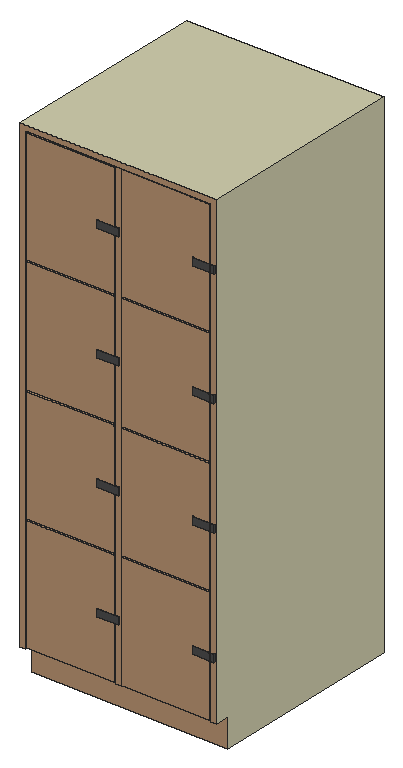
Revit family "Cabinet_Wenger_UltraStor_27", category Furniture, Revit 2015
Parameters (values of type "UltraStor Cabinet #27 - Comp Wood Doors")
  URL = "https://www.wengercorp.com/"
  Type Comments = ""
  Specification = "http://www.arcat.com/sdspecs/htm04/12_35_83wen.htm"
  Shelf Thickness = 0' - 1 1/8"
  Sales Information = "https://www.wengercorp.com/contact-us.php"
  Revision = "R1_2018-04"
  Rear Panel Thickness = 0' - 0 3/4"
  Product Data = "http://www.arcat.com/arcatcos/cos36/arc36487.html"
  Manufacturer Website = "https://www.wengercorp.com/"
  Manufacturer Phone - Toll Free = "800-4WENGER"
  Manufacturer Phone = "(507) 455-4100"
  Manufacturer Fax = "(507) 455-4258"
  Manufacturer Address = "555 Park Dr., Owatonna, MN 55060"
  Keynote = "12 35 83"
  HasDoors = yes
  Green Building-LEED = "http://www.arcat.com/green/clients/leed_data_36487.html"
  Drawn By = "Sumex Design, Inc. / Robert S. Weygant, CSI, CDT, SCIP"
  Door Width = (Cabinet Width - 0' 2 1/4") / 2  # 1' - 0 5/8"
  Door Style = Door_Base : Solid Door
  Door Material [instance] = Wenger Cherry (Use Cherry Edge Band Only)
  Door Height = (Cabinet Height - 0' 4 3/4") / 4  # 1' - 4 1/4"
  Toe Kick Material [instance] = Wenger Cherry (Use Cherry Edge Band Only)
  RH End Panel [instance] = no
  Model = "#27"
  Manufacturer = "Wenger Corporation"
  LH End Panel [instance] = no
  End Panel Material [instance] = Wenger Cherry (Use Cherry Edge Band Only)
  Edge Banding Material [instance] = Wenger Cherry (Use Cherry Edge Band Only)
  Cost = 0
  Copyright = "© 2018 Arcat Inc."
  Construction Details = "http://www.arcat.com/details/wengerco/wengerco.html?coid=36487"
  Body Material [instance] = Wenger - Oyster
  Description = "Wenger UltraStor Cabinet #27 - Comp Wood Doors"
  Cabinet Width = 2' - 3 1/2"
  Cabinet Height = 5' - 9 3/4"
  Installed Depth = 2' - 5 1/4"
  Cabinet Panel Thickness = 0' - 0 3/4"
  Assembly Code = "E2010200"
Types (14): name | Rear Panel Thickness | HasDoors | Door Width | Door Style | Door Material | Model | Description | Cabinet Width | Installed Depth
  Acoustic Cabinet #27 - No Doors | 0' - 3 1/4" | no | 1' - 0 5/8" | Door_Base : Solid Door | none | "#27A" | "Wenger Acoustic Cabinet #27 - No Doors" | 2' - 3 1/2" | 2' - 7 3/4"
  Narrow Acoustic Cabinet #27 - No Doors | 0' - 3 1/4" | no | 0' - 9 5/8" | Door_Base : Solid Door | none | "#27NA" | "Wenger Narrow Acoustic Cabinet #27 - No Doors" | 1' - 9 1/2" | 2' - 7 3/4"
  Acoustic Cabinet #27 - Comp Grille Doors | 0' - 3 1/4" | yes | 1' - 0 5/8" | Door_Base : Bars | Painted Black | "#27A" | "Wenger Acoustic Cabinet #27 - Comp Grille Doors" | 2' - 3 1/2" | 2' - 7 3/4"
  Narrow Acoustic Cabinet #27 - Comp Grille Doors | 0' - 3 1/4" | yes | 0' - 9 5/8" | Door_Base : Bars | Painted Black | "#27NA" | "Wenger Narrow Acoustic Cabinet #27 - Comp Grille Doors" | 1' - 9 1/2" | 2' - 7 3/4"
  Narrow Acoustic Cabinet #27 - Comp Waterfall Grille Doors | 0' - 3 1/4" | yes | 0' - 9 5/8" | Door_Base : Waterfall | Painted Black | "#27NA" | "Wenger Narrow Acoustic Cabinet #27 - Comp Waterfall Grille Doors" | 1' - 9 1/2" | 2' - 7 3/4"
  Acoustic Cabinet #27 - Comp Waterfall Grille Doors | 0' - 3 1/4" | yes | 1' - 0 5/8" | Door_Base : Waterfall | Painted Black | "#27A" | "Wenger Acoustic Cabinet #27 - Comp Waterfall Grille Doors" | 2' - 3 1/2" | 2' - 7 3/4"
  Narrow UltraStor Cabinet #27 - Comp Grille Doors | 0' - 0 3/4" | yes | 0' - 9 5/8" | Door_Base : Bars | Painted Black | "#27N" | "Wenger Narrow Cabinet #27 - Comp Grille Doors" | 1' - 9 1/2" | 2' - 5 1/4"
  UltraStor Cabinet #27 - Comp Grille Doors | 0' - 0 3/4" | yes | 1' - 0 5/8" | Door_Base : Bars | Painted Black | "#27" | "Wenger UltraStor Cabinet #27 - Comp Grille Doors" | 2' - 3 1/2" | 2' - 5 1/4"
  Narrow UltraStor Cabinet #27 - Comp Wood Doors | 0' - 0 3/4" | yes | 0' - 9 5/8" | Door_Base : Solid Door | Wenger Cherry (Use Cherry Edge Band Only) | "#27N" | "Wenger Narrow Cabinet #27 - Comp Wood Doors" | 1' - 9 1/2" | 2' - 5 1/4"
  UltraStor Cabinet #27 - Comp Waterfall Grille Doors | 0' - 0 3/4" | yes | 1' - 0 5/8" | Door_Base : Waterfall | Painted Black | "#27" | "Wenger UltraStor Cabinet #27 - Comp Waterfall Grille Doors" | 2' - 3 1/2" | 2' - 5 1/4"
  Narrow UltraStor Cabinet #27 - No Doors | 0' - 0 3/4" | no | 0' - 9 5/8" | Door_Base : Solid Door | none | "#27N" | "Wenger Narrow Cabinet #27 - No Doors" | 1' - 9 1/2" | 2' - 5 1/4"
  UltraStor Cabinet #27 - Comp Wood Doors | 0' - 0 3/4" | yes | 1' - 0 5/8" | Door_Base : Solid Door | Wenger Cherry (Use Cherry Edge Band Only) | "#27" | "Wenger UltraStor Cabinet #27 - Comp Wood Doors" | 2' - 3 1/2" | 2' - 5 1/4"
  UltraStor Cabinet #27 - No Doors | 0' - 0 3/4" | no | 1' - 0 5/8" | Door_Base : Solid Door | none | "#27" | "Wenger UltraStor Cabinet #27 - No Doors" | 2' - 3 1/2" | 2' - 5 1/4"
  Narrow UltraStor Cabinet #27 - Comp Waterfall Grille Doors | 0' - 0 3/4" | yes | 0' - 9 5/8" | Door_Base : Waterfall | Painted Black | "#27N" | "Wenger Narrow Cabinet #27 - Comp Waterfall Grille Doors" | 1' - 9 1/2" | 2' - 5 1/4"
Reference planes (in)
  plane 1 "Front": y = 0
  plane 2: z = 0
  plane 3 "Left": x = 0
  plane 4 "Right": x = 27.5
  plane 5 "Back": y = 29.25
  plane 6 "Top": z = 69.75
  plane 7: z = 4
  plane 8: z = 20.25
  plane 9: z = 36.5
  plane 10: z = 52.75
  plane 11: x = 0.75
  plane 12: x = 26.75
  plane 13: z = 69
  plane 14: x = 13.375
  plane 15: x = 14.125
  plane 16: y = 28.5
  plane 17: y = 2
  plane 18: y = 0.75
  plane 19: z = 21.375
  plane 20: z = 37.625
  plane 21: z = 53.875
  plane 22: z = 5.125
Forms (in)
  Extrusion 1, solid, material "Wenger - Oyster" <- "Body Material"
    sketch origin (0, 0, 0) x (0, 1, 0) y (0, 0, 1)
      loop
        line (0, 69.75) -> (0, 4) -> (2, 4) -> (2, 0) -> (29.25, 0) -> (29.25, 69.75) -> (0, 69.75)
    from 0 to 27.5
  Extrusion 2, void
    sketch origin (0, 0, 0) x (0, 1, 0) y (0, 0, 1)
      loop
        line (-5.5, 69) -> (-5.5, 4) -> (0.75, 4)
        arc (0.75, 4) -> (1.15915, 4.80234) -> (2, 5.125) r 1.25694
        line (2, 5.125) -> (28.5, 5.125) -> (28.5, 20.25) -> (0.19815, 20.25)
        arc (0.19815, 20.25) -> (1.09253, 21.03981) -> (2.23768, 21.375) r 2.74212
        line (2.23768, 21.375) -> (28.5, 21.375) -> (28.5, 36.5) -> (1.45157, 36.5)
        arc (1.45157, 36.5) -> (1.12121, 37.16568) -> (1.70541, 37.625) r 0.58905
        line (1.70541, 37.625) -> (28.5, 37.625) -> (28.5, 52.75) -> (0.75, 52.75)
        arc (0.75, 52.75) -> (0.76505, 53.55555) -> (1.50469, 53.875) r 0.74395
        line (1.50469, 53.875) -> (28.5, 53.875) -> (28.5, 69) -> (-5.5, 69)
    from 0.75 to 13.375
  Extrusion 3, void
    sketch origin (0, 0, 0) x (0, 1, 0) y (0, 0, 1)
      loop
        line (-5.5, 69) -> (-5.5, 4) -> (0.75, 4)
        arc (0.75, 4) -> (1.18296, 4.77588) -> (2, 5.125) r 1.375
        line (2, 5.125) -> (28.5, 5.125) -> (28.5, 20.25) -> (0.75, 20.25)
        arc (0.75, 20.25) -> (1.18296, 21.02588) -> (2, 21.375) r 1.375
        line (2, 21.375) -> (28.5, 21.375) -> (28.5, 36.5) -> (0.75, 36.5)
        arc (0.75, 36.5) -> (1.18296, 37.27588) -> (2, 37.625) r 1.375
        line (2, 37.625) -> (28.5, 37.625) -> (28.5, 52.75) -> (0.75, 52.75)
        arc (0.75, 52.75) -> (1.18296, 53.52588) -> (2, 53.875) r 1.375
        line (2, 53.875) -> (28.5, 53.875) -> (28.5, 69) -> (-5.5, 69)
    from 14.125 to 26.75
  Extrusion 4, void
    sketch origin (0, 0, 0) x (0, 1, 0) y (0, 0, 1)
      loop
        line (0, 69) -> (0, 4) -> (0.0625, 4) -> (0.0625, 69) -> (0, 69)
    from 0.75 to 26.75
Cuts and joins
  Extrusion 2, Extrusion 3, Extrusion 4 cuts Extrusion 1
Lines and regions (in)
  Masking region 1
    outline origin (0, 0, 0) x (1, 0, 0) y (0, 1, 0)
      loop
        line (0, 29.25) -> (0, 0) -> (27.5, 0) -> (27.5, 29.25) -> (0, 29.25)
Dimensions and locks (in)
  "Cabinet Panel Thickness": plane 3 "Left" to plane 11
  "Cabinet Panel Thickness": plane 12 to plane 4 "Right"
  "Cabinet Panel Thickness": plane 5 "Back" to plane 16
  locked: plane 1 "Front" to plane 18 at 0.75
  locked: plane 1 "Front" to plane 17 at 2
  "Shelf Thickness": plane 19 to plane 8
  "Shelf Thickness": plane 20 to plane 9
  "Shelf Thickness": plane 21 to plane 10
  "Cabinet Panel Thickness": plane 6 "Top" to plane 13
  equal spacing: plane 13, plane 10, plane 9, plane 8, plane 7
  "Shelf Thickness": plane 22 to plane 7
  "Cabinet Width": plane 3 "Left" to plane 4 "Right"
  locked: plane 7 to level at 4
  "Cabinet Height": plane 6 "Top" to level
  "Installed Depth": plane 1 "Front" to plane 5 "Back"
  "Door Width": plane 14 to plane 11
  "Door Width": plane 12 to plane 15
  plane 3 "Left" to plane 4 "Right" = 2' - 3 1/2"
  equal spacing: plane 5 "Back", nested 2, plane 1 "Front"
  equal spacing: plane 14, nested 2, plane 15
  aligned and locked: Extrusion 1 sketch curve to plane 6 "Top"
  aligned and locked: Extrusion 1 sketch curve to plane 5 "Back"
  aligned and locked: Extrusion 1 sketch curve to plane 1 "Front"
  aligned and locked: Extrusion 1 sketch curve to plane 7
  aligned and locked: Extrusion 1 sketch curve to plane 17
  aligned and locked: Extrusion 1 sketch curve to level
  aligned and locked: Extrusion 1 to plane 4 "Right"
  aligned and locked: Extrusion 1 to plane 3 "Left"
  aligned and locked: Extrusion 2 sketch curve to plane 13
  aligned and locked: Extrusion 2 sketch curve to plane 16
  aligned and locked: Extrusion 2 sketch curve to plane 10
  aligned and locked: Extrusion 2 sketch curve to plane 20
  aligned and locked: Extrusion 2 sketch curve to plane 9
  aligned and locked: Extrusion 2 sketch curve to plane 19
  aligned and locked: Extrusion 2 sketch curve to plane 8
  aligned and locked: Extrusion 2 sketch curve to plane 22
  aligned and locked: Extrusion 2 sketch curve to plane 21
  aligned and locked: Extrusion 2 to plane 11
  aligned and locked: plane 14 to Extrusion 2
  aligned and locked: Extrusion 3 to plane 12
  aligned and locked: Extrusion 3 to plane 15
  aligned and locked: Extrusion 4 sketch curve to cut or joined group of Extrusion 1, Extrusion 2, Extrusion 3, Extrusion 4  (x3)
  aligned and locked: Extrusion 4 to plane 12
  aligned and locked: Extrusion 4 to plane 11
  aligned and locked: nested 3 to plane 11
  aligned and locked: plane 14 to nested 3
  aligned and locked: nested 3 to plane 10
  aligned and locked: cut or joined group of Extrusion 1, Extrusion 2, Extrusion 3, Extrusion 4 to plane 15
  aligned and locked: cut or joined group of Extrusion 1, Extrusion 2, Extrusion 3, Extrusion 4 to plane 12
  aligned and locked: nested 4 to plane 10
  aligned and locked: plane 10 to cut or joined group of Extrusion 1, Extrusion 2, Extrusion 3, Extrusion 4
  aligned and locked: nested 6 to plane 9
  aligned and locked: nested 5 to plane 9
  aligned and locked: plane 9 to cut or joined group of Extrusion 1, Extrusion 2, Extrusion 3, Extrusion 4
  aligned and locked: nested 7 to plane 8
  aligned and locked: nested 8 to plane 8
  aligned and locked: nested 10 to plane 12
  aligned and locked: nested 8 to plane 12
  aligned and locked: nested 6 to plane 12
  aligned and locked: nested 4 to plane 12
  aligned and locked: nested 4 to plane 15
  aligned and locked: nested 6 to plane 15
  aligned and locked: nested 8 to plane 15
  aligned and locked: nested 10 to plane 15
  aligned and locked: plane 14 to nested 9
  aligned and locked: plane 14 to nested 7
  aligned and locked: plane 14 to nested 5
  aligned and locked: nested 5 to plane 11
  aligned and locked: nested 7 to plane 11
  aligned and locked: nested 9 to plane 11
  aligned and locked: plane 7 to cut or joined group of Extrusion 1, Extrusion 2, Extrusion 3, Extrusion 4
  aligned and locked: nested 10 to plane 7
  aligned and locked: nested 9 to plane 7
  aligned and locked: plane 18 to Extrusion 2 sketch curve
  aligned and locked: plane 1 "Front" to nested 11
  aligned and locked: nested 11 to level
  aligned and locked: nested 11 to plane 4 "Right"
  aligned and locked: Masking region 1 sketch curve to plane 5 "Back"
  aligned and locked: Masking region 1 sketch curve to plane 1 "Front"
  aligned and locked: plane 3 "Left" to Masking region 1 sketch curve
  aligned and locked: plane 4 "Right" to Masking region 1 sketch curve
Automatic sketch dimensions
  Extrusion 3 sketch curve to plane 13 = 0' - 0"
  Extrusion 3 sketch curve to plane 7 = 0' - 0"
  Extrusion 3 sketch curve to plane 18 = 0' - 0"  (x4)
  Extrusion 3 sketch curve to plane 10 = 0' - 0"
  Extrusion 3 sketch curve to plane 8 = 0' - 0"
  Extrusion 3 sketch curve to plane 9 = 0' - 0"
  Extrusion 3 sketch curve to plane 17 = 0' - 0"  (x4)
  Extrusion 3 sketch curve to plane 16 = 0' - 0"  (x4)
  Extrusion 3 sketch curve to plane 22 = 0' - 0"
  Extrusion 3 sketch curve to plane 19 = 0' - 0"
  Extrusion 3 sketch curve to plane 20 = 0' - 0"
  Extrusion 3 sketch curve to plane 21 = 0' - 0"
  plane 1 "Front" to Extrusion 3 sketch curve = 0' - 5 1/2"
  Extrusion 3 sketch curve to plane 17 = 0' - 0.10279"  (x4)
  plane 18 to Extrusion 4 sketch curve = 0' - 0 11/16"
  Extrusion 2 sketch curve to plane 7 = 0' - 0"
  plane 18 to Extrusion 2 sketch curve = 0' - 0.55185"
  Extrusion 2 sketch curve to plane 17 = 0' - 0"
  Extrusion 2 sketch curve to plane 17 = 0' - 0.23768"
  Extrusion 2 sketch curve to plane 16 = 0' - 0"  (x3)
  plane 1 "Front" to Extrusion 2 sketch curve = 0' - 5 1/2"
  Extrusion 2 sketch curve to plane 17 = 0' - 0.41696"
  Extrusion 2 sketch curve to plane 18 = 0' - 0"
  Extrusion 2 sketch curve to plane 18 = 0' - 0.70157"
  plane 17 to Extrusion 2 sketch curve = 0' - 0.29459"
  plane 17 to Extrusion 2 sketch curve = 0' - 0.49531"
  plane 17 to Extrusion 2 sketch curve = 0' - 0.61714"
  plane 17 to Extrusion 2 sketch curve = 0' - 0.30419"
Nested families (in)
  nested 1: "End Panel" at (0, 14.25, 0) x (0, -1, 0) z (0, 0, 1), End Panel Material <- "End Panel Material", visible <- "LH End Panel", Edge Banding Material <- "Edge Banding Material", type "End Panel"
    with End Panel Material Wenger Cherry (Use Cherry Edge Band Only), Edge Banding Material Wenger Cherry (Use Cherry Edge Band Only), End Panel Height 5' - 9 3/4", End Panel Depth 2' - 5 1/4"
  nested 2: "Labels" at (13.75, 14.625, 0), type "Labels"
  nested 3: "Door_Base" at (7.0625, 0, 52.75) x (1, 0, 0) z (0, -1, 0), type <- "Door Style", Height <- "Door Height", Width <- "Door Width", visible <- "HasDoors", type "Solid Door", detail levels medium+fine
    with vBars 11, Width 1' - 0 5/8", ToeKick Height 0' - 4", MidBar no, Height 1' - 4 1/4", BarHt 1' - 3 3/4", 2HzBars no
  nested 4: "Door_Base" at (20.4375, 0, 52.75) x (1, 0, 0) z (0, -1, 0), type <- "Door Style", Height <- "Door Height", Width <- "Door Width", visible <- "HasDoors", type "Solid Door", detail levels medium+fine
    with vBars 11, Width 1' - 0 5/8", ToeKick Height 0' - 4", MidBar no, Height 1' - 4 1/4", BarHt 1' - 3 3/4", 2HzBars no
  nested 5: "Door_Base" at (7.0625, 0, 36.5) x (1, 0, 0) z (0, -1, 0), type <- "Door Style", Height <- "Door Height", Width <- "Door Width", visible <- "HasDoors", type "Solid Door", detail levels medium+fine
    with vBars 11, Width 1' - 0 5/8", ToeKick Height 0' - 4", MidBar no, Height 1' - 4 1/4", BarHt 1' - 3 3/4", 2HzBars no
  nested 6: "Door_Base" at (20.4375, 0, 36.5) x (1, 0, 0) z (0, -1, 0), type <- "Door Style", Height <- "Door Height", Width <- "Door Width", visible <- "HasDoors", type "Solid Door", detail levels medium+fine
    with vBars 11, Width 1' - 0 5/8", ToeKick Height 0' - 4", MidBar no, Height 1' - 4 1/4", BarHt 1' - 3 3/4", 2HzBars no
  nested 7: "Door_Base" at (7.0625, 0, 20.25) x (1, 0, 0) z (0, -1, 0), type <- "Door Style", Height <- "Door Height", Width <- "Door Width", visible <- "HasDoors", type "Solid Door", detail levels medium+fine
    with vBars 11, Width 1' - 0 5/8", ToeKick Height 0' - 4", MidBar no, Height 1' - 4 1/4", BarHt 1' - 3 3/4", 2HzBars no
  nested 8: "Door_Base" at (20.4375, 0, 20.25) x (1, 0, 0) z (0, -1, 0), type <- "Door Style", Height <- "Door Height", Width <- "Door Width", visible <- "HasDoors", type "Solid Door", detail levels medium+fine
    with vBars 11, Width 1' - 0 5/8", ToeKick Height 0' - 4", MidBar no, Height 1' - 4 1/4", BarHt 1' - 3 3/4", 2HzBars no
  nested 9: "Door_Base" at (7.0625, 0, 4) x (1, 0, 0) z (0, -1, 0), type <- "Door Style", Height <- "Door Height", Width <- "Door Width", visible <- "HasDoors", type "Solid Door", detail levels medium+fine
    with vBars 11, Width 1' - 0 5/8", ToeKick Height 0' - 4", MidBar no, Height 1' - 4 1/4", BarHt 1' - 3 3/4", 2HzBars no
  nested 10: "Door_Base" at (20.4375, 0, 4) x (1, 0, 0) z (0, -1, 0), type <- "Door Style", Height <- "Door Height", Width <- "Door Width", visible <- "HasDoors", type "Solid Door", detail levels medium+fine
    with vBars 11, Width 1' - 0 5/8", ToeKick Height 0' - 4", MidBar no, Height 1' - 4 1/4", BarHt 1' - 3 3/4", 2HzBars no
  nested 11: "End Panel" at (28.25, 14.25, 0) x (0, -1, 0) z (0, 0, 1), End Panel Material <- "End Panel Material", Edge Banding Material <- "Edge Banding Material", visible <- "RH End Panel", type "End Panel"
    with End Panel Material Wenger Cherry (Use Cherry Edge Band Only), Edge Banding Material Wenger Cherry (Use Cherry Edge Band Only), End Panel Height 5' - 9 3/4", End Panel Depth 2' - 5 1/4"
Definition of nested family "End Panel"
  Parameters (values of type "End Panel")
    End Panel Material [instance] = none
    End Panel Height = 7' - 1 5/8"
    End Panel Depth = 1' - 9 3/4"
    Edge Banding Material [instance] = none
    Default Elevation = 4' - 0"
    Assembly Code = ""
  Reference planes (in)
    plane 1 "Center (Front/Back)": y = 0
    plane 2: z = 0
    plane 3 "Center (Left/Right)": x = 0
    plane 4: x = -15
    plane 5: x = 6.75
    plane 6: z = 4
    plane 7: x = 4.75
    plane 8: z = 85.625
    plane 9: y = -0.75
  Forms (in)
    Extrusion 1, solid, material <- "End Panel Material"
      sketch origin (0, 0, 0) x (1, 0, 0) y (0, 0, 1)
        loop
          line (-15, 85.625) -> (-15, 0) -> (4.75, 0) -> (4.75, 4) -> (6.75, 4) -> (6.75, 85.625) -> (-15, 85.625)
      from 0 to 0.75
  Lines and regions (in)
    Masking region 1, detail levels coarse+medium
      outline origin (0, 0, 0) x (1, 0, 0) y (0, 1, 0)
        loop
          line (-15, 0) -> (-15, -0.75) -> (6.75, -0.75) -> (6.75, 0) -> (-15, 0)
  Dimensions and locks (in)
    locked: plane 7 to plane 5 at 2
    locked: plane 6 to level at 4
    "End Panel Height": plane 8 to level
    "End Panel Depth": plane 5 to plane 4
    locked: plane 9 to plane 1 "Center (Front/Back)" at 0.75
    aligned and locked: plane 4 to Extrusion 1 sketch curve
    aligned and locked: level to Extrusion 1 sketch curve
    aligned and locked: plane 7 to Extrusion 1 sketch curve
    aligned and locked: plane 6 to Extrusion 1 sketch curve
    aligned and locked: Extrusion 1 sketch curve to plane 5
    aligned and locked: Extrusion 1 sketch curve to plane 8
    aligned and locked: Extrusion 1 to plane 9
    aligned and locked: Extrusion 1 to plane 1 "Center (Front/Back)"
    aligned and locked: plane 4 to Masking region 1 sketch curve
    aligned and locked: Masking region 1 sketch curve to plane 5
    aligned and locked: plane 1 "Center (Front/Back)" to Masking region 1 sketch curve
    aligned and locked: plane 9 to Masking region 1 sketch curve
Definition of nested family "Door_Base"
  Parameters (values of type "None")
    vBars [instance] = (Width - 0' 2") / 0' 1"  # 6
    Width [instance] = 0' - 8"
    ToeKick Height [instance] = 0' - 4"
    Thickness = 0' - 0 3/4"
    Solid Door = no
    Shelf Thickness = 0' - 0 3/4"
    Panel Thickness = 0' - 0 3/4"
    MidBar [instance] = and(Height < 1' 6", HasDoor, not(Solid Door))  # no
    Height [instance] = 1' - 2 5/8"
    HasDoor = no
    Edge Banding = none
    DoorGap = 0' - 0 1/8"
    Door Finish = none
    Depth = 2' - 0"
    Default Elevation = 4' - 0"
    Bars = no
    BarStyle = Bars : Waterfall
    BarHt [instance] = Height - 0' 0 1/2"  # 1' - 2 1/8"
    2HzBars [instance] = and(Height > 1' 6", not(Solid Door))  # no
  Types (4): name | Thickness | Solid Door | MidBar | HasDoor | Bars | BarStyle
    Solid Door | 0' - 0 3/4" | yes | no | yes | no | Bars : Waterfall
    Bars | 0' - 0 1/4" | no | yes | yes | yes | Bars : Straight
    Waterfall | 0' - 0 3/4" | no | yes | yes | yes | Bars : Waterfall
    None | 0' - 0 3/4" | no | no | no | no | Bars : Waterfall
  Reference planes (in)
    plane 1 "Center (Front/Back)": y = 0
    plane 2: z = 0
    plane 3 "Center (Left/Right)": x = 0
    plane 4: x = -4
    plane 5: y = 14.625
    plane 6: x = 4
    plane 7: z = -0.75
    plane 8: x = -3.875
    plane 9: x = 3.875
    plane 10: y = 0.125
    plane 11: y = 14.5
    plane 12: y = -0.75
    plane 13 "CL Elev": y = 7.3125
    plane 14: x = -3.75
    plane 15: x = 3.75
    plane 16 "BtmRail": y = 0.25
    plane 17: y = 14.375
    plane 18: z = -0.125
    plane 19: x = -2.75
    plane 20: x = 2.75
    plane 21: y = 9.66667
    plane 22: y = 4.95833
  Forms (in)
    Extrusion 1, solid, material <- "Door Finish", visible <- "Solid Door", detail levels medium+fine
      sketch origin (0, 0, 0) x (1, 0, 0) y (0, 1, 0)
        loop
          arc (-3.75, 14.5) -> (-3.83839, 14.46339) -> (-3.875, 14.375) r 0.125
          line (-3.875, 14.375) -> (-3.875, 0.25)
          arc (-3.875, 0.25) -> (-3.83839, 0.16161) -> (-3.75, 0.125) r 0.125
          line (-3.75, 0.125) -> (3.75, 0.125)
          arc (3.75, 0.125) -> (3.83839, 0.16161) -> (3.875, 0.25) r 0.125
          line (3.875, 0.25) -> (3.875, 14.375)
          arc (3.875, 14.375) -> (3.83839, 14.46339) -> (3.75, 14.5) r 0.125
          line (3.75, 14.5) -> (-3.75, 14.5)
      from 0 to -0.75
    Sweep 2, solid, material <- "Door Finish", visible <- "Bars", detail levels medium+fine
      path origin (0, 0, 0) x (1, 0, 0) y (0, 1, 0)
        loop
          arc (-3.125, 14.5) -> (-3.65533, 14.28033) -> (-3.875, 13.75) r 0.75
          line (-3.875, 13.75) -> (-3.875, 0.875)
          arc (-3.875, 0.875) -> (-3.65533, 0.34467) -> (-3.125, 0.125) r 0.75
          line (-3.125, 0.125) -> (3.125, 0.125)
          arc (3.125, 0.125) -> (3.65533, 0.34467) -> (3.875, 0.875) r 0.75
          line (3.875, 0.875) -> (3.875, 13.75)
          arc (3.875, 13.75) -> (3.65533, 14.28033) -> (3.125, 14.5) r 0.75
          line (3.125, 14.5) -> (-3.125, 14.5)
      profile origin (0, 14.5, 0) x (0, 1, 0) y (0, 0, 1)
        loop
          circle (-0.125, -0.125) r 0.125
    Extrusion 3, solid, material <- "Door Finish", visible <- "MidBar", detail levels medium+fine
      sketch origin (0, 0, 0) x (0, 1, 0) y (0, 0, 1)
        loop
          circle (7.3125, -0.125) r 0.125
      from -3.75 to 3.75
    Extrusion 4, solid, visible <- "HasDoor", detail levels fine
      sketch origin (0, 0, 0) x (1, 0, 0) y (0, 1, 0)
        loop
          line (1.5, 7.8125) -> (1.5, 6.8125) -> (4.5, 6.8125) -> (4.5, 7.8125) -> (1.5, 7.8125)
      from 0 to 0.125
    Extrusion 5, solid, material <- "Door Finish", visible <- "2HzBars", detail levels medium+fine
      sketch origin (0, 0, 0) x (0, 1, 0) y (0, 0, 1)
        loop
          circle (9.66667, -0.125) r 0.125
        loop
          circle (4.95833, -0.125) r 0.125
      from -3.75 to 3.75
  Lines and regions (in)
    symbolic lines, visible <- "HasDoor", detail levels medium+fine
      curve 1: line (4, 0.25, 0) -> (-4, 0.25, 0)
      curve 2: line (-4, 0.25, 0) -> (-4, 0.25, 8)
      curve 3: arc (4, 0.25, 0) -> (1.65685, 0.25, 5.65685) -> (-4, 0.25, 8) r 8
    symbolic lines, visible <- "HasDoor"
      curve 4: line (3.875, 0.25, 0) -> (3.875, 0.25, -0.75)
      curve 5: line (3.875, 0.25, -0.75) -> (-3.875, 0.25, -0.75)
      curve 6: line (-3.875, 0.25, -0.75) -> (-3.875, 0.25, 0)
    symbolic lines, detail levels medium
      curve 7: line (3.875, 14.5, 0) -> (-3.875, 7.3125, 0)
      curve 8: line (-3.875, 7.3125, 0) -> (3.875, 0.125, 0)
  Dimensions and locks (in)
    "Height": plane 1 "Center (Front/Back)" to plane 5
    "Thickness": level to plane 7
    equal spacing: plane 4, plane 3 "Center (Left/Right)", plane 6
    "Width": plane 4 to plane 6
    "DoorGap": plane 5 to plane 11
    "DoorGap": plane 9 to plane 6
    "DoorGap": plane 4 to plane 8
    "DoorGap": plane 1 "Center (Front/Back)" to plane 10
    "Shelf Thickness": plane 1 "Center (Front/Back)" to plane 12
    equal spacing: plane 1 "Center (Front/Back)", plane 13 "CL Elev", plane 5
    locked: plane 15 to plane 9 at 0.125
    locked: plane 8 to plane 14 at 0.125
    locked: plane 11 to plane 17 at 0.125
    locked: plane 16 "BtmRail" to plane 10 at 0.125
    locked: level to plane 18 at 0.125
    plane 19 to plane 14 = 0' - 1"
    locked: plane 15 to plane 20 at 1
    Extrusion 4 sketch curve to plane 13 "CL Elev" to Extrusion 4 sketch curve = 0' - 0 1/2" locked, 0' - 0 1/2" locked
    locked: plane 6 to Extrusion 4 sketch curve at 0.5
    locked: Extrusion 4 sketch curve to plane 6 at 2.5
    locked: Extrusion 4 to level at 0.125
    equal spacing: group 1, group 3, group 4, group 5, group 6, group 2  (x3)
    equal spacing: plane 17, plane 21, plane 22, plane 16 "BtmRail"
    "Width": radius of curve 3
    aligned and locked: plane 2 to level
    aligned and locked: Extrusion 1 sketch curve to plane 11
    aligned and locked: plane 8 to Extrusion 1 sketch curve
    aligned and locked: Extrusion 1 sketch curve to plane 9
    aligned and locked: plane 10 to Extrusion 1 sketch curve
    aligned and locked: Extrusion 1 to plane 7
    aligned and locked: level to Extrusion 1
    aligned and locked: Sweep 2 sketch curve to plane 11
    aligned and locked: plane 8 to Sweep 2 sketch curve
    aligned and locked: plane 10 to Sweep 2 sketch curve
    aligned and locked: Sweep 2 sketch curve to plane 9
    aligned and locked: plane 15 to Extrusion 3
    aligned and locked: Extrusion 3 to plane 14
    aligned and locked: plane 20 to nested 2
    aligned and locked: plane 19 to nested 1
    aligned and locked: plane 21 to Extrusion 5 sketch curve
    aligned and locked: plane 18 to Extrusion 5 sketch curve  (x2)
    aligned and locked: plane 22 to Extrusion 5 sketch curve
    aligned and locked: Extrusion 5 to Extrusion 3  (x2)
    aligned and locked: plane 4 to curve 3  (x2)
    aligned and locked: level to curve 3
    aligned and locked: plane 7 to curve 5
    aligned and locked: Extrusion 1 to plane 8
    aligned and locked: plane 9 to Extrusion 1
    aligned and locked: plane 10 to curve 8
    aligned and locked: plane 9 to curve 8
    aligned and locked: plane 13 "CL Elev" to curve 8
    aligned and locked: plane 11 to curve 7
    aligned and locked: plane 9 to curve 7
  Automatic sketch dimensions
    plane 8 to Sweep 2 sketch curve = 0' - 0 3/4"  (x2)
    Sweep 2 sketch curve to plane 9 = 0' - 0 3/4"
    Sweep 2 sketch curve to Sweep 2 sketch curve = 0' - 0 3/4"
    Sweep 2 sketch curve to level = 0' - 0 1/8"
    profile plane to Sweep 2 sketch curve = 0' - 0 1/8"
    Extrusion 3 sketch curve to level = 0' - 0 1/8"
    Extrusion 3 sketch curve to plane 13 "CL Elev" = 0' - 0"
    curve 8 to plane 8 = 0' - 0"
    Extrusion 1 sketch curve to plane 14 = 0' - 0"  (x2)
    Extrusion 1 sketch curve to plane 15 = 0' - 0"  (x2)
    curve 5 to plane 9 = 0' - 0"
    curve 6 to plane 8 = 0' - 0"
    radius of Sweep 2 sketch curve = 0' - 0 1/8"
    radius of Extrusion 3 sketch curve = 0' - 0 1/8"
    radius of Extrusion 5 sketch curve = 0' - 0 1/8"  (x2)
  Nested families (in)
    nested 1: "Bars" at (-2.75, 0.25, -0.125) x (1, 0, 0) z (0, 1, 0), type <- "BarStyle", visible <- "Bars", type "Waterfall", detail levels fine
      with Lateral Deviation 0' - 1", Height 1' - 2 1/8"
    nested 2: "Bars" at (2.75, 0.25, -0.125) x (1, 0, 0) z (0, 1, 0), type <- "BarStyle", visible <- "Bars", type "Waterfall", detail levels fine
      with Lateral Deviation 0' - 1", Height 1' - 2 1/8"
    nested 3: "Bars" at (-1.65, 0.25, -0.125) x (1, 0, 0) z (0, 1, 0), type <- "BarStyle", visible <- "Bars", type "Waterfall", detail levels fine
      with Lateral Deviation 0' - 1", Height 1' - 2 1/8"
    nested 4: "Bars" at (-0.55, 0.25, -0.125) x (1, 0, 0) z (0, 1, 0), type <- "BarStyle", visible <- "Bars", type "Waterfall", detail levels fine
      with Lateral Deviation 0' - 1", Height 1' - 2 1/8"
    nested 5: "Bars" at (0.55, 0.25, -0.125) x (1, 0, 0) z (0, 1, 0), type <- "BarStyle", visible <- "Bars", type "Waterfall", detail levels fine
      with Lateral Deviation 0' - 1", Height 1' - 2 1/8"
    nested 6: "Bars" at (1.65, 0.25, -0.125) x (1, 0, 0) z (0, 1, 0), type <- "BarStyle", visible <- "Bars", type "Waterfall", detail levels fine
      with Lateral Deviation 0' - 1", Height 1' - 2 1/8"
  Definition of nested family "Bars"
    Parameters (values of type "Straight")
      WaterFall = no
      Straight = yes
      Lateral Deviation = 0' - 1 1/2"
      Height = 1' - 2 5/8"
      Default Elevation = 4' - 0"
      Bars = none
    Types (3): name | WaterFall | Straight
      (no name) | no | yes
      Waterfall | yes | no
      Straight | no | yes
    Reference planes (in)
      plane 1 "Center (Front/Back)": y = 0
      plane 2: z = 0
      plane 3 "Center (Left/Right)": x = 0
      plane 4: z = 14.625
      plane 5: z = 7.3125
      plane 6: x = 0.75
      plane 7: x = -0.75
      plane 8: z = 10.96875
      plane 9: z = 3.65625
    Forms (in)
      Sweep 1, solid, material <- "Bars", visible <- "WaterFall"
        path origin (0, 0, 0) x (1, 0, 0) y (0, 0, 1)
          loop
            arc (0, 0) -> (0.56057, 1.79006) -> (0.75, 3.65625) r 9.28711
            arc (0.75, 3.65625) -> (0.56057, 5.52244) -> (0, 7.3125) r 9.28711
        profile origin (0.56057, 0, 1.79006) x (-0.979603, 0, 0.200944) y (0, -1, 0)
          loop
            circle (0, 0) r 0.0625
      Sweep 2, solid, material <- "Bars", visible <- "WaterFall"
        path origin (0, 0, 14.625) x (-1, 0, 0) y (0, 0, -1)
          loop
            arc (0, 0) -> (0.56057, 1.79006) -> (0.75, 3.65625) r 9.28711
            arc (0.75, 3.65625) -> (0.56057, 5.52244) -> (0, 7.3125) r 9.28711
        profile origin (-0.56057, 0, 12.83494) x (0.979603, 0, -0.200944) y (0, -1, 0)
          loop
            circle (0, 0) r 0.0625
      Extrusion 3, solid, material <- "Bars", visible <- "Straight"
        sketch origin (0, 0, 0) x (1, 0, 0) y (0, 1, 0)
          loop
            circle (0, 0) r 0.0625
        from 0 to 14.625
    Dimensions and locks (in)
      "Height": plane 4 to level
      equal spacing: plane 6, plane 3 "Center (Left/Right)", plane 7
      "Lateral Deviation": plane 6 to plane 7
      equal spacing: plane 4, plane 8, plane 5, plane 9, level
      aligned and locked: plane 2 to level
      aligned and locked: plane 3 "Center (Left/Right)" to Sweep 1 sketch curve  (x2)
      aligned and locked: level to Sweep 1 sketch curve
      aligned and locked: plane 6 to Sweep 1 sketch curve
      aligned and locked: plane 9 to Sweep 1 sketch curve
      aligned and locked: plane 4 to Sweep 2 sketch curve
      aligned and locked: plane 3 "Center (Left/Right)" to Sweep 2 sketch curve  (x2)
      aligned and locked: plane 8 to Sweep 2 sketch curve
      aligned and locked: plane 7 to Sweep 2 sketch curve
      aligned and locked: plane 5 to Sweep 2 sketch curve
      aligned and locked: plane 4 to Extrusion 3
      aligned and locked: Extrusion 3 to level
    Automatic sketch dimensions
      plane 1 "Center (Front/Back)" to Sweep 1 sketch curve = 0' - 0"
      Sweep 1 sketch curve to profile plane = 0' - 0"
      Sweep 1 sketch curve to Sweep 1 sketch curve = 0' - 0"
      Sweep 2 sketch curve to plane 1 "Center (Front/Back)" = 0' - 0"
      Sweep 2 sketch curve to profile plane = 0' - 0"
      plane 1 "Center (Front/Back)" to Extrusion 3 sketch curve = 0' - 0"
      Extrusion 3 sketch curve to plane 3 "Center (Left/Right)" = 0' - 0"
      radius of Sweep 1 sketch curve = 0' - 0 1/16"
      radius of Sweep 2 sketch curve = 0' - 0 1/16"
      radius of Extrusion 3 sketch curve = 0' - 0 1/16"
Definition of nested family "Labels"
  Parameters
    Cabinet Label = "01"
  Reference planes (in)
    plane 1: y = 0
    plane 2: x = 0
  Text (in)
    label "xxxx" at (-0.00018, 0.00754, 0), shows "Cabinet Label"
